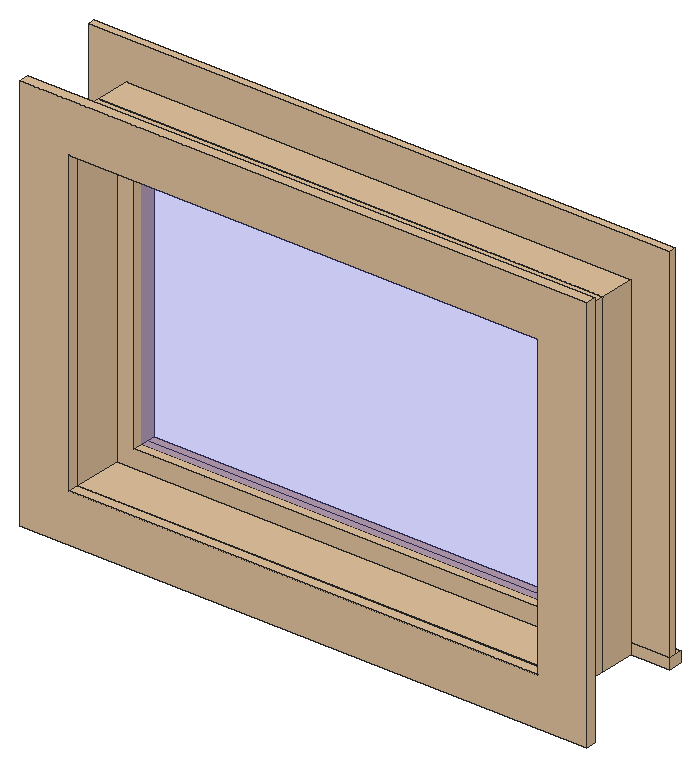
Revit family
Parameters (values of type "0915 x 0610mm")
  Glass Pane Material = Glass
  Height = 610.00 mm
  Sash Material = Sash
  Default Sill Height = 2159.00 mm
  Trim Exterior Material = Trim
  Trim Interior Material = Trim
  Trim Projection - Ext. = 13.00 mm
  Trim Projection - Int. = 19.00 mm
  Trim Width - Exterior = 89.00 mm
  Trim Width - Interior = 89.00 mm
  Wall Closure = (empty or 0)
  Width = 915.00 mm
  Window Inset = 19.00 mm
Types (11, lengths in mm): name | Height | Width
  (no name) | 610.00 | 915.00
  0610 x 0610mm | 610.00 | 610.00
  0915 x 0610mm | 610.00 | 915.00
  1220 x 0610mm | 610.00 | 1220.00
  1525 x 0610mm | 610.00 | 1525.00
  1830 x 0610mm | 610.00 | 1830.00
  0610 x 0457mm | 457.00 | 610.00
  0915 x 0457mm | 457.00 | 915.00
  1220 x 0457mm | 457.00 | 1220.00
  1525 x 0457mm | 457.00 | 1525.00
  1830 x 0457mm | 457.00 | 1830.00
Reference planes
  plane 1: y = 0
  plane 2: z = 0
  plane 3 "Center": x = -38.1
  plane 4 "Left": x = -495.6
  plane 5 "Right": x = 419.4
  plane 6 "Sill": z = 2159
  plane 7 "Top": z = 2769
  plane 8: y = 76.2
  plane 9: y = -76.2
  plane 10: y = 57.2
  plane 11: x = -476.55
  plane 12: x = -463.85
  plane 13: x = 400.35
  plane 14: x = 387.65
  plane 15: x = -565.55
  plane 16: x = -552.85
  plane 17: x = 476.65
  plane 18: x = 489.35
  plane 19: z = 2838.95
  plane 20: z = 2749.95
  plane 21: z = 2737.25
  plane 22: z = 2826.25
  plane 23: z = 2190.75
  plane 24: z = 2101.75
  plane 25 "Closure": y = 34.975
Forms (mm)
  Extrusion 1, solid, material "Trim" <- "Trim Exterior Material"
    sketch origin (0, 0, 0) x (1, 0, 0) y (0, 0, 1)
      loop
        line (-495.6, 2769) -> (-495.6, 2159) -> (419.4, 2159) -> (419.4, 2769) -> (-495.6, 2769)
      loop
        line (-476.55, 2749.95) -> (-476.55, 2178.05) -> (400.35, 2178.05) -> (400.35, 2749.95) -> (-476.55, 2749.95)
    from -76.2 to -12.75
  Extrusion 2, solid, material "Trim" <- "Trim Interior Material"
    sketch origin (0, 0, 0) x (-1, 0, 0) y (0, 0, 1)
      loop
        line (-419.4, 2769) -> (-419.4, 2159) -> (495.6, 2159) -> (495.6, 2769) -> (-419.4, 2769)
      loop
        line (-387.65, 2737.25) -> (-387.65, 2190.75) -> (463.85, 2190.75) -> (463.85, 2737.25) -> (-387.65, 2737.25)
    from 12.75 to -76.2
  Extrusion 3, solid, material "Sash" <- "Sash Material"
    sketch origin (0, 0, 0) x (-1, 0, 0) y (0, 0, 1)
      loop
        line (-400.35, 2749.95) -> (-400.35, 2178.05) -> (476.55, 2178.05) -> (476.55, 2749.95) -> (-400.35, 2749.95)
      loop
        line (-355.9, 2705.5) -> (-355.9, 2222.5) -> (432.1, 2222.5) -> (432.1, 2705.5) -> (-355.9, 2705.5)
    from 12.75 to 57.2
  Extrusion 4, solid, material "Glass" <- "Glass Pane Material"
    sketch origin (-124.971, 0, -117.036) x (1, 0, 0) y (0, 0, 1)
      loop
        line (-307.129, 2822.536) -> (-307.129, 2339.536) -> (480.871, 2339.536) -> (480.871, 2822.536) -> (-307.129, 2822.536)
    from -41.325 to -28.625
  Extrusion 5, solid, material "Trim" <- "Trim Interior Material"
    sketch origin (0, 0, 0) x (1, 0, 0) y (0, 0, 1)
      loop
        line (-463.85, 2737.25) -> (-463.85, 2190.75) -> (387.65, 2190.75) -> (387.65, 2737.25) -> (-463.85, 2737.25)
      loop
        line (-552.85, 2826.25) -> (-552.85, 2101.75) -> (476.65, 2101.75) -> (476.65, 2826.25) -> (-552.85, 2826.25)
    from 76.2 to 95.2
  Extrusion 6, solid, material "Trim" <- "Trim Exterior Material"
    sketch origin (0, 0, 0) x (-1, 0, 0) y (0, 0, 1)
      loop
        line (-400.35, 2749.95) -> (476.55, 2749.95) -> (476.55, 2178.05) -> (565.55, 2178.05) -> (565.55, 2838.95) -> (-489.35, 2838.95) -> (-489.35, 2178.05) -> (-400.35, 2178.05) -> (-400.35, 2749.95)
    from 76.2 to 89.2
  Extrusion 7, solid, material "Trim" <- "Trim Exterior Material"
    sketch origin (0, 0, 0) x (-1, 0, 0) y (0, 0, 1)
      loop
        line (-489.35, 2178.05) -> (-489.35, 2159) -> (565.55, 2159) -> (565.55, 2178.05) -> (-489.35, 2178.05)
    from 76.2 to 101.9
Lines and regions (mm)
  Opening 1
    outline origin (-1524, -76.2, 0) x (1, 0, 0) y (0, 0, 1)
      loop
        line (1028.4, 2769) -> (1028.4, 2159) -> (1943.4, 2159) -> (1943.4, 2769) -> (1028.4, 2769)
  symbolic lines, style "WindowsFrameMullionProjection"
    curve 1: line (-495.6, 76.2, 0) -> (-476.55, 76.2, 0)
    curve 2: line (-476.55, 12.75, 0) -> (-476.55, 76.2, 0)
    curve 3: line (-476.55, 12.75, 0) -> (-463.85, 12.75, 0)
    curve 4: line (-463.85, -76.2, 0) -> (-463.85, 12.75, 0)
    curve 5: line (419.4, 76.2, 0) -> (400.35, 76.2, 0)
    curve 6: line (387.65, 12.75, 0) -> (387.65, -76.2, 0)
    curve 7: line (387.65, 12.75, 0) -> (400.35, 12.75, 0)
    curve 8: line (400.35, 12.75, 0) -> (400.35, 76.2, 0)
    curve 9: line (-476.55, 57.2, 0) -> (-432.1, 57.2, 0)
    curve 10: line (-476.55, 57.2, 0) -> (-476.55, 12.75, 0)
    curve 11: line (-476.55, 12.75, 0) -> (-432.1, 12.75, 0)
    curve 12: line (-432.1, 57.2, 0) -> (-432.1, 12.75, 0)
    curve 13: line (400.35, 57.2, 0) -> (355.9, 57.2, 0)
    curve 14: line (400.35, 57.2, 0) -> (400.35, 12.75, 0)
    curve 15: line (400.35, 12.75, 0) -> (355.9, 12.75, 0)
    curve 16: line (355.9, 57.2, 0) -> (355.9, 12.75, 0)
    curve 18: line (-463.85, -76.2, 0) -> (-495.6, -76.2, 0)
    curve 19: line (387.65, -76.2, 0) -> (419.4, -76.2, 0)
  symbolic lines, style "WindowsGlassProjection"
    curve 17: line (-432.1, 34.975, 0) -> (355.9, 34.975, 0)
Text (mm)
  text "EXTERIOR" at (-1437.207, 1354.346, 0), in view "Floor Line"
  text "INTERIOR" at (-1490.695, -895.805, 0), in view "Floor Line"
  text "Exterior" at (0, 1108.87, 3415.022), in view "Left"
  text "Exterior" at (0, 464.664, 3176.206), in view "Right"
Dimensions and locks
  equal spacing: plane 4 "Left", plane 3 "Center", plane 5 "Right"
  "Width": plane 4 "Left" to plane 5 "Right"
  plane 2 to plane 24 to plane 6 "Sill" to plane 21 to plane 7 "Top" = 2101.75 mm, 57.25 mm, 578.25 mm, 31.75 mm
  "Window Inset": plane 8 to plane 10
  locked: plane 10 to Extrusion 3 at 44.45
  locked: plane 10 to Extrusion 4 at 15.875
  locked: Extrusion 4 to Extrusion 4 at 12.7
  "Trim Projection - Int.": Extrusion 5 to Extrusion 5
  "Trim Projection - Ext.": Extrusion 6 to Extrusion 6
  locked: Extrusion 7 sketch curve to Extrusion 1 at 19.05
  locked: Extrusion 7 to Extrusion 6 at 12.7
  locked: plane 4 "Left" to plane 11 at 19.05
  locked: plane 13 to plane 5 "Right" at 19.05
  locked: plane 14 to plane 5 "Right" at 31.75
  locked: plane 4 "Left" to plane 12 at 31.75
  "Trim Width - Exterior": plane 13 to plane 18
  "Trim Width - Exterior": plane 15 to plane 11
  locked: plane 20 to plane 7 "Top" at 19.05
  "Trim Width - Exterior": plane 20 to plane 19
  "Trim Width - Interior": plane 16 to plane 12
  "Trim Width - Interior": plane 14 to plane 17
  locked: plane 7 "Top" to plane 21 at 31.75
  "Trim Width - Interior": plane 22 to plane 21
  locked: plane 23 to plane 6 "Sill" at 31.75
  "Trim Width - Interior": plane 23 to plane 24
  "Height": plane 7 "Top" to plane 6 "Sill"
  "Default Sill Height": plane 6 "Sill" to plane 2
  locked: plane 25 "Closure" to plane 10 at 22.225
  aligned and locked: plane 7 "Top" to Opening 1 sketch curve
  aligned and locked: plane 6 "Sill" to Opening 1 sketch curve  (x2)
  aligned and locked: plane 5 "Right" to Opening 1 sketch curve
  aligned and locked: plane 4 "Left" to Opening 1 sketch curve
  aligned and locked: plane 9 to host wall
  aligned and locked: host wall to Extrusion 2
  aligned and locked: plane 10 to Extrusion 3
  aligned and locked: plane 8 to host wall
  aligned and locked: host wall to Extrusion 1
  aligned and locked: Extrusion 2 to Extrusion 1
  aligned and locked: Extrusion 1 to Extrusion 3
  aligned and locked: Extrusion 4 sketch curve to Extrusion 3  (x4)
  aligned and locked: curve 5 to Extrusion 1  (x2)
  aligned and locked: curve 6 to Extrusion 2
  aligned and locked: curve 4 to Extrusion 2
  aligned and locked: curve 16 to Extrusion 3
  aligned and locked: Extrusion 1 to curve 11
  aligned and locked: Extrusion 1 to curve 7
  aligned and locked: Extrusion 5 sketch curve to Extrusion 2  (x4)
  aligned and locked: Extrusion 5 to host wall
  aligned and locked: Extrusion 6 sketch curve to Extrusion 1  (x4)
  aligned and locked: Extrusion 6 to host wall
  aligned and locked: Extrusion 7 sketch curve to Extrusion 6  (x2)
  aligned and locked: Extrusion 7 to host wall
Automatic sketch dimensions
  Extrusion 1 sketch curve to plane 4 "Left" = 0.00 mm
  Extrusion 1 sketch curve to plane 5 "Right" = 0.00 mm
  Extrusion 1 sketch curve to plane 4 "Left" = 19.05 mm
  plane 5 "Right" to Extrusion 1 sketch curve = 19.05 mm
  Extrusion 1 sketch curve to plane 6 "Sill" = 0.00 mm
  Extrusion 1 sketch curve to plane 7 "Top" = 0.00 mm
  Extrusion 1 sketch curve to plane 6 "Sill" = 19.05 mm
  plane 7 "Top" to Extrusion 1 sketch curve = 19.05 mm
  Extrusion 2 sketch curve to plane 5 "Right" = 0.00 mm
  Extrusion 2 sketch curve to plane 4 "Left" = 0.00 mm
  plane 5 "Right" to Extrusion 2 sketch curve = 31.75 mm
  Extrusion 2 sketch curve to plane 4 "Left" = 31.75 mm
  Extrusion 2 sketch curve to plane 6 "Sill" = 0.00 mm
  Extrusion 2 sketch curve to plane 7 "Top" = 0.00 mm
  Extrusion 2 sketch curve to plane 6 "Sill" = 31.75 mm
  plane 7 "Top" to Extrusion 2 sketch curve = 31.75 mm
  plane 5 "Right" to Extrusion 3 sketch curve = 19.05 mm
  plane 5 "Right" to Extrusion 3 sketch curve = 63.50 mm
  Extrusion 3 sketch curve to plane 4 "Left" = 63.50 mm
  Extrusion 3 sketch curve to plane 4 "Left" = 19.05 mm
  Extrusion 3 sketch curve to plane 6 "Sill" = 19.05 mm
  Extrusion 3 sketch curve to plane 6 "Sill" = 63.50 mm
  plane 7 "Top" to Extrusion 3 sketch curve = 63.50 mm
  plane 7 "Top" to Extrusion 3 sketch curve = 19.05 mm
  curve 18 to plane 4 "Left" = 0.00 mm
  curve 1 to plane 4 "Left" = 0.00 mm
  curve 2 to plane 8 = 0.00 mm
  curve 10 to plane 10 = 0.00 mm
  curve 13 to plane 10 = 0.00 mm
  curve 19 to plane 5 "Right" = 0.00 mm
  curve 1 to curve 2 = 19.05 mm
  curve 9 to curve 12 = 44.45 mm
  plane 5 "Right" to curve 13 = 19.05 mm
  curve 19 to plane 9 = 0.00 mm
  curve 4 to plane 9 = 0.00 mm
  curve 11 to curve 17 = 22.225 mm
  Extrusion 7 sketch curve to plane 15 = 0.00 mm
  Extrusion 5 sketch curve to plane 16 = 0.00 mm
  Extrusion 5 sketch curve to plane 17 = 0.00 mm
  Extrusion 5 sketch curve to plane 24 = 0.00 mm
  Extrusion 5 sketch curve to plane 22 = 0.00 mm
  Extrusion 6 sketch curve to plane 18 = 0.00 mm
  Extrusion 6 sketch curve to plane 15 = 0.00 mm
  Extrusion 6 sketch curve to plane 19 = 0.00 mm
  Extrusion 6 sketch curve to plane 6 "Sill" = 19.05 mm
